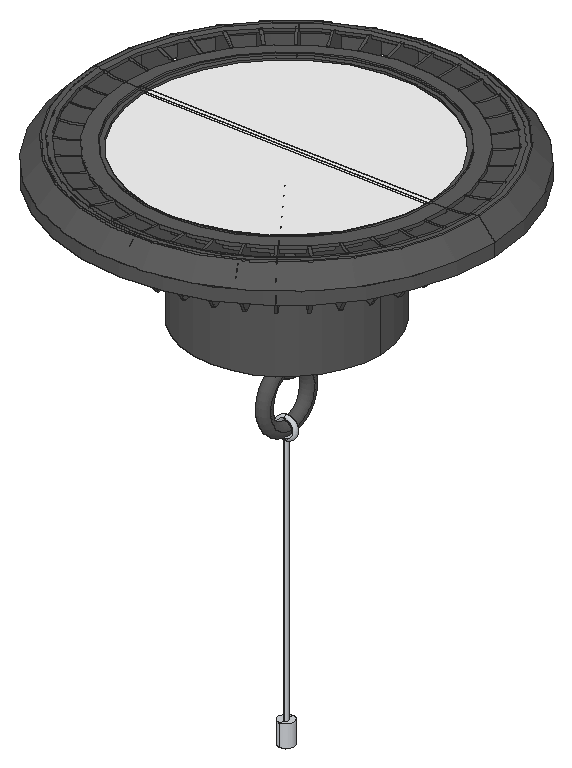
Revit family "0039344 Feilo Sylvania Lighting Fixture START HIGHBAY 4K 13KLM MEDIUM pendant", category Lighting Fixtures, host Face, Revit 2017
Family settings
  Host = Face
  Round Connector Dimension = Use Diameter
  Part Type = Normal
  OmniClass Number = 23.80.70.00
  OmniClass Title = Lighting
  Cut with Voids When Loaded = No
  Light Source = Yes
  Shared = No
  Room Calculation Point = No
Parameters (values of type "0039344 START HIGHBAY 4K 13KLM MEDIUM ")
  WidthStraight_FEILO = if(SizeS_FEILO, 3 mm, if(SizeM_FEILO, 4 mm, 4.7 mm))  # 3 mm
  WidthRingChamfer_FEILO = if(SizeS_FEILO, 10.3 mm, if(SizeM_FEILO, 11.2 mm, 12.9 mm))  # 10.3 mm
  WidthCurved_FEILO = if(SizeS_FEILO, 17.4 mm, if(SizeM_FEILO, 16.4 mm, 26.2 mm))  # 17.4 mm
  WidthCurvedRing_FEILO = if(SizeS_FEILO, 3 mm, if(SizeM_FEILO, 4 mm, 4.7 mm))  # 3 mm
  WidthBracket_FEILO = 40 mm
  Weight = "3.0 kg"
  Wattage Comments = ""
  Wattage = 100 W
  WarrantyStartDate [instance] = "n/a"
  WarrantyGuarantorParts = "n/a"
  WarrantyDurationUnit = "n/a"
  WarrantyDurationParts = "n/a"
  WarrantyDescription = "n/a"
  built-in parameter 1150110 = 1 (stored number, unit not read)
  Voltage = 230 V
  VisibilityBracket_FEILO = no
  URL = "http://www.sylvania-lighting.com"
  TypeName = "START HIGHBAY 4K 13KLM MEDIUM"
  Type Image = <None>
  Type Comments = "n/a"
  built-in parameter 1114217 = 1 (stored number, unit not read)
  Tilt Angle = -90.00°
  ThicknessWall_FEILO = 1.5 mm
  ThicknessBracket_FEILO = 1.5 mm
  ThicknessBracketHalf_FEILO = ThicknessBracket_FEILO / 2  # 0.75 mm
  built-in parameter 1150109 = 1 (stored number, unit not read)
  built-in parameter 1150134 = 12
  SuspensionHeight_FEILO [instance] = 350 mm
  built-in parameter 1150113 = 1 (stored number, unit not read)
  SizeS_FEILO = yes
  SizeM_FEILO = no
  SerialNumber [instance] = "n/a"
  Rib4_FEILO = if(SizeS_FEILO, 18.1 mm, if(SizeM_FEILO, 13.6 mm, 14.6 mm))  # 18.1 mm
  Rib3_FEILO = if(SizeS_FEILO, 15.3 mm, if(SizeM_FEILO, 17.6 mm, 20.2 mm))  # 15.3 mm
  Rib2_FEILO = if(SizeS_FEILO, 3.6 mm, if(SizeM_FEILO, 3.9 mm, 4.5 mm))  # 3.6 mm
  Rib1_FEILO = if(SizeS_FEILO, 15.1 mm, if(SizeM_FEILO, 16.5 mm, 19 mm))  # 15.1 mm
  RadiusDiffuser_FEILO = if(SizeS_FEILO, 95.2 mm, if(SizeM_FEILO, 105.3 mm, 120 mm))  # 95.2 mm
  RadiusArrayPost_FEILO = DriverRadius_FEILO - 6 mm  # 55.4 mm
  RHRadius3_FEILO = if(SizeS_FEILO, 6.6 mm, if(SizeM_FEILO, 7.4 mm, 8.6 mm))  # 6.6 mm
  RHRadius2_FEILO = if(SizeS_FEILO, 11 mm, if(SizeM_FEILO, 12 mm, 14 mm))  # 11 mm
  RHRadius1_FEILO = if(SizeS_FEILO, 13.6 mm, if(SizeM_FEILO, 14.9 mm, 17.7 mm))  # 13.6 mm
  RHHeight4_FEILO = if(SizeS_FEILO, 7.3 mm, if(SizeM_FEILO, 8 mm, 9.2 mm))  # 7.3 mm
  RHHeight3_FEILO = if(SizeS_FEILO, 3.6 mm, if(SizeM_FEILO, 3.7 mm, 4.6 mm))  # 3.6 mm
  RHHeight2_FEILO = if(SizeS_FEILO, 2 mm, if(SizeM_FEILO, 2.2 mm, 2.6 mm))  # 2 mm
  RHHeight1_FEILO = if(SizeS_FEILO, 11.8 mm, if(SizeM_FEILO, 15.3 mm, 17.4 mm))  # 11.8 mm
  Photometric Web File = "0039344.ies"
  Material_3_FEILO = LED-Sylvania-StartHighbay-Glow
  PowerFactor = 0.95
  PowerConsumption = "100 W"
  NominalLength = 270 mm
  NominalHeight = 170 mm
  NominalDepth = 270 mm
  Name = "START HIGHBAY 4K 13KLM MEDIUM"
  ModelReference = Name  # "START HIGHBAY 4K 13KLM MEDIUM"
  ModelNumber = "0039344"
  Model = Name  # "START HIGHBAY 4K 13KLM MEDIUM"
  Material = "aluminium alloy housing, polycarbonate diffuser"
  ManufacturerName = "Feilo Sylvania"
  Manufacturer = "Feilo Sylvania"
  LuminousEfficacy = "130 lm/W"
  built-in parameter 1150105 = 16080.5 (stored number, unit not read)
  Lumens = 13000 lm
  LuminaireType = ""
  built-in parameter 1150115 = 1 (stored number, unit not read)
  LightOutputRatio = "n/a"
  built-in parameter 1150137 = (empty or 0)
  built-in parameter 1150139 = (empty or 0)
  LampsType = Lamp  # "LED"
  LampNominalLuminous = "13000 lm"
  LampMacAdamStep = "n/a"
  LampColourTemperature = "4000 K"
  LampColourRenderingIndex = "80"
  built-in parameter 1150112 = 1 (stored number, unit not read)
  built-in parameter 1150114 = 1 (stored number, unit not read)
  Lamp = "LED"
  Keynote = "16500"
  InstallationDate [instance] = "n/a"
  InputVoltage = "220-240V~"
  InputNominalFrequency = "50/60 Hz"
  built-in parameter 1150132 = (empty or 0)
  built-in parameter 1150102 = (empty or 0)
  built-in parameter 1150107 = 4000 (stored number, unit not read)
  built-in parameter 1150138 = (empty or 0)
  IngressProtection = "IP65"
  ImpactProtectionIndex = "IK08"
  built-in parameter 1150106 = 160.81 (stored number, unit not read)
  IfcExportType = "IfcLightFixtureType"
  IfcExportAs = "IfcLightFixtureType"
  HeightRing_FEILO = if(SizeS_FEILO, 19.8 mm, if(SizeM_FEILO, 32 mm, 36.8 mm))  # 19.8 mm
  HeightRingChamfer_FEILO = if(SizeS_FEILO, 11.7 mm, if(SizeM_FEILO, 23.2 mm, 26.6 mm))  # 11.7 mm
  EyeThickness_FEILO = if(SizeS_FEILO, 8.4 mm, if(SizeM_FEILO, 9.2 mm, 10.5 mm))  # 8.4 mm
  EyeThicknessHalf_FEILO = EyeThickness_FEILO / 2  # 4.2 mm
  EyeInner_FEILO = if(SizeS_FEILO, 13.8 mm, if(SizeM_FEILO, 15.1 mm, 17.3 mm))  # 13.8 mm
  ExpectedLife = 50000
  Emit from Circle Diameter = RadiusDiffuser_FEILO * 2  # 190.4 mm
  Emit Shape Visible in Rendering = no
  ElectricShockClassification = "Class I"
  built-in parameter 1150104 = 12.077 (stored number, unit not read)
  DurationUnit = "hours"
  DriverVerticalStraight_FEILO = if(SizeS_FEILO, 46.5 mm, if(SizeM_FEILO, 49.7 mm, 57 mm))  # 46.5 mm
  DriverVerticalChamfer_FEILO = if(SizeS_FEILO, 7.5 mm, if(SizeM_FEILO, 8.2 mm, 9.5 mm))  # 7.5 mm
  DriverRadius_FEILO = if(SizeS_FEILO, 61.4 mm, if(SizeM_FEILO, 67.2 mm, 76.4 mm))  # 61.4 mm
  DriverRadiusTop_FEILO = if(SizeS_FEILO, 42 mm, if(SizeM_FEILO, 45.3 mm, 52.4 mm))  # 42 mm
  DriverBottom_FEILO = if(SizeS_FEILO, 56 mm, if(SizeM_FEILO, 64.5 mm, 74 mm))  # 56 mm
  DocumentationLiterature = "http://www.sylvania-lighting.com/product/en-int/products/0039344"
  DimmingControlOptions = "n/a"
  Material_2_FEILO = Diffuser-Sylvania-StartHighbay-Transparent
  Radius_FEILO = if(SizeS_FEILO, 135 mm, if(SizeM_FEILO, 148 mm, 169.5 mm))  # 135 mm
  Dimming Lamp Color Temperature Shift = <None>
  DiameterWire_FEILO = 3 mm
  DiameterWireSupport_FEILO = 10 mm
  Description = "START HIGHBAY, includes 1 m cables, black aluminium housing, 13000LM, 100W, 130lm/W, 4000K, Driver current: 2140mA, CR80, 60° beam angle, 1-10V dimmable,  IP65, IK08, 50,000 hrs (L70B50), (LxWxH) 270x270x170mm"
  Default Elevation = 1219.2 mm
  CreatedOn = "2/28/2018"
  CreatedBy = ""
  Cost = 0
  Color Filter = 16777215
  built-in parameter 1114216 [instance] = (empty or 0)
  ClassificationValue = "EF_70_80"
  ClassificationName = "Uniclass2015"
  Material_1_FEILO = Body-Sylvania-StartHighbay-Black
  BarCode [instance] = "n/a"
  built-in parameter 1114218 = 1 (stored number, unit not read)
  built-in parameter 1150133 = 10 (stored number, unit not read)
  AssetType = "Fixed"
  AssetIdentifier [instance] = "n/a"
  Assembly Code = "D5020200"
  Apparent Load = 100 VA
  Material_4_FEILO = none
Reference planes
  plane 1 "Center (Front/Back)": y = 0
  plane 2: z = 0
  plane 3 "Center (Left/Right)": x = 0
  plane 4: z = 350
  plane 5: x = -135
  plane 6: x = -124.7
  plane 7: z = 338.3
  plane 8: z = 330.2
  plane 9: x = -121.7
  plane 10: z = 347.375
  plane 11: x = -104.3
  plane 12: x = -95.2
  plane 13: x = -118.7
  plane 14: z = 348.375
  plane 15: z = 346.375
  plane 16: x = -92.2
  plane 17: z = 345.375
  plane 18: x = -133.5
  plane 19: x = -119.9
  plane 20: z = 326.6
  plane 21: x = -104.6
  plane 22: z = 308.5
  plane 23: x = -20
  plane 24: z = 294
  plane 25: x = -61.4
  plane 26: z = 247.5
  plane 27: x = -42
  plane 28: z = 240
  plane 29: x = -13.6
  plane 30: z = 228.2
  plane 31: z = 226.2
  plane 32: x = -11
  plane 33: z = 222.6
  plane 34: z = 215.3
  plane 35: x = -6.6
  plane 36: z = 201.5
  plane 37: z = 187.7
  plane 38: x = 4.2
  plane 39: x = -4.2
  plane 40: z = 179.3
  plane 41: z = 183.5
  plane 42: x = -129.1
  plane 43: x = -132.5
  plane 44: z = 328.7
  plane 45: x = -123.2
  plane 46: z = 270.75
  plane 47: y = -20
  plane 48: y = 20
  plane 49: x = 135
  plane 50: x = 124.7
  plane 51: x = 133.5
  plane 52: x = 129.1
  plane 53: x = 132.5
  plane 54: x = 123.2
  plane 55: z = 190.7
  plane 56: y = 1.5
  plane 57: y = -1.5
  plane 58: z = 189.2
  plane 59: z = 177.8
  plane 60: z = 176.3
  plane 61: y = -5
  plane 62: y = 5
  plane 63: z = 14
Forms (mm)
  Revolve 1, solid, material "Body-Sylvania-StartHighbay-Black" <- "Material_1_FEILO", detail levels medium+fine
    sketch origin (0, 0, 0) x (1, 0, 0) y (0, 0, 1)
      loop
        line (-135, 330.2) -> (-133.5, 330.2) -> (-133.5, 337.734) -> (-125.012, 347.375) -> (-118.7, 347.375) -> (-118.7, 349.16)
        arc (-118.7, 349.16) -> (-120.206, 349.56) -> (-121.7, 350) r 58.981
        line (-121.7, 350) -> (-124.241, 350)
        arc (-124.241, 350) -> (-124.657, 349.911) -> (-124.999, 349.66) r 1.015
        line (-124.999, 349.66) -> (-135, 338.3) -> (-135, 330.2)
      axis (0, 350) -> (0, 330.2)
    angle from 360 to 0
  Revolve 2, solid, material "Body-Sylvania-StartHighbay-Black" <- "Material_1_FEILO", detail levels medium+fine
    sketch origin (0, 0, 0) x (1, 0, 0) y (0, 0, 1)
      loop
        line (-104.3, 345.375) -> (-95.2, 345.375) -> (-95.2, 338.3) -> (0, 338.3) -> (0, 345.375) -> (-92.2, 345.375) -> (-92.2, 346.375) -> (-95.2, 346.375) -> (-95.2, 347.375) -> (-104.3, 347.375) -> (-104.3, 345.375)
      axis (0, 347.375) -> (0, 338.3)
    angle from 360 to 0
  Revolve 3, solid, material "Diffuser-Sylvania-StartHighbay-Transparent" <- "Material_2_FEILO", detail levels medium+fine
    sketch origin (0, 0, 0) x (1, 0, 0) y (0, 0, 1)
      loop
        line (-95.2, 346.375) -> (0, 346.375) -> (0, 348.375) -> (-95.2, 348.375) -> (-95.2, 346.375)
      axis (0, 348.375) -> (0, 346.375)
    angle from 360 to 0
  Revolve 4, solid, material "Body-Sylvania-StartHighbay-Black" <- "Material_1_FEILO"
    sketch origin (0, 0, 0) x (1, 0, 0) y (0, 0, 1)
      loop
        line (-61.4, 308.5) -> (-61.4, 247.5) -> (-42, 240) -> (-13.6, 240) -> (-13.6, 228.2) -> (-11, 226.2) -> (-11, 222.6) -> (-7.037, 216.026)
        arc (-7.037, 216.026) -> (-6.49, 215.494) -> (-5.753, 215.3) r 1.5
        line (-5.753, 215.3) -> (0, 215.3) -> (0, 308.5) -> (-61.4, 308.5)
      axis (0, 308.5) -> (0, 215.3)
    angle from 360 to 0
  Revolve 5, solid, material "Body-Sylvania-StartHighbay-Black" <- "Material_1_FEILO"
    sketch origin (0, 0, 0) x (1, 0, 0) y (0, 0, 1)
      loop
        circle (0, 183.5) r 4.2
      axis (4.2, 201.5) -> (-4.2, 201.5)
    angle from 360 to 0
  Extrusion 6, solid, material "Body-Sylvania-StartHighbay-Black" <- "Material_1_FEILO", visible <- "VisibilityBracket_FEILO"
    sketch origin (0, 0, 0) x (1, 0, 0) y (0, 0, 1)
      loop
        line (-132.5, 330.2) -> (-132.5, 328.7) -> (-125.45, 328.7)
        arc (-125.45, 328.7) -> (-124.92, 328.48) -> (-124.7, 327.95) r 0.75
        line (-124.7, 327.95) -> (-124.7, 270.75) -> (-123.2, 270.75) -> (-123.2, 328.7)
        arc (-123.2, 328.7) -> (-123.639, 329.761) -> (-124.7, 330.2) r 1.5
        line (-124.7, 330.2) -> (-132.5, 330.2)
      loop
        line (132.5, 330.2) -> (124.7, 330.2)
        arc (124.7, 330.2) -> (123.639, 329.761) -> (123.2, 328.7) r 1.5
        line (123.2, 328.7) -> (123.2, 270.75) -> (124.7, 270.75) -> (124.7, 327.95)
        arc (124.7, 327.95) -> (124.92, 328.48) -> (125.45, 328.7) r 0.75
        line (125.45, 328.7) -> (132.5, 328.7) -> (132.5, 330.2)
    from -20 to 20
  Extrusion 7, void
    sketch origin (0, 0, 0) x (0, 1, 0) y (0, 0, 1)
      loop
        arc (-10, 270.75) -> (-17.071, 273.679) -> (-20, 280.75) r 10
        line (-20, 280.75) -> (-25, 280.75) -> (-25, 265.75) -> (-10, 265.75) -> (-10, 270.75)
      loop
        line (10, 270.75) -> (10, 265.75) -> (25, 265.75) -> (25, 280.75) -> (20, 280.75)
        arc (20, 280.75) -> (17.071, 273.679) -> (10, 270.75) r 10
    from -124.7 to 124.7
  Revolve 8, solid, material "Body-Sylvania-StartHighbay-Black" <- "Material_1_FEILO", detail levels coarse
    sketch origin (0, 0, 0) x (1, 0, 0) y (0, 0, 1)
      loop
        line (0, 350) -> (-124.7, 350) -> (-135, 338.3) -> (-135, 330.2) -> (-119.9, 330.2) -> (-119.9, 326.6) -> (-104.6, 308.5) -> (0, 308.5) -> (0, 350)
      axis (0, 350) -> (0, 308.5)
    angle from 360 to 0
  Revolve 9, solid
    sketch origin (0, 0, 0) x (0, 1, 0) y (0, 0, 1)
      loop
        circle (0, 189.2) r 1.5
      axis (1.5, 183.5) -> (-1.5, 183.5)
    angle from 360 to 0
  Revolve 10, solid
    sketch origin (0, 0, 0) x (0, 1, 0) y (0, 0, 1)
      loop
        line (0, 0) -> (0, 177.8) -> (-1.5, 177.8) -> (-1.5, 14) -> (-5, 14) -> (-5, 0) -> (0, 0)
      axis (0, 0) -> (0, 177.8)
    angle from 360 to 0
Cuts and joins
  Extrusion 7 cuts Extrusion 6
Lines and regions (mm)
  reference lines
    curve 1: line (-135, 0, 338.3) -> (-124.7, 0, 350)
    curve 2: line (-104.3, 0, 347.375) -> (0, 0, 347.375)
    curve 3: arc (-104.3, 0, 347.375) -> (-113.098, 0, 348.035) -> (-121.7, 0, 350) r 58.981
    curve 4: line (-124.7, 0, 350) -> (-121.7, 0, 350)
    curve 5: line (-125.012, 0, 347.375) -> (-133.5, 0, 337.734)
    curve 6: line (-119.9, 0, 326.6) -> (-104.6, 0, 308.5)
    curve 7: line (-11, 0, 222.6) -> (-6.6, 0, 215.3)
    curve 8: circle (0, 0, 183.5) r 4.2 normal (0, -1, 0)
Dimensions and locks
  "Radius_FEILO": plane 3 "Center (Left/Right)" to plane 5
  "WidthRingChamfer_FEILO": plane 6 to plane 5
  "WidthStraight_FEILO": plane 9 to plane 6
  "WidthCurvedRing_FEILO": plane 13 to plane 9
  locked: plane 10 to plane 15 at 1
  locked: plane 14 to plane 10 at 1
  locked: plane 4 to plane 10 at 2.625
  locked: plane 15 to plane 17 at 1
  "ThicknessWall_FEILO": plane 18 to plane 5
  "ThicknessWall_FEILO": curve 5 to curve 1
  "HeightRingChamfer_FEILO": plane 4 to plane 7
  "HeightRing_FEILO": plane 4 to plane 8
  "RadiusDiffuser_FEILO": plane 3 "Center (Left/Right)" to plane 12
  locked: plane 16 to plane 12 at 3
  "WidthCurved_FEILO": plane 11 to plane 9
  "SuspensionHeight_FEILO": plane 4 to plane 2
  "Rib1_FEILO": plane 19 to plane 5
  "Rib2_FEILO": plane 8 to plane 20
  "Rib3_FEILO": plane 21 to plane 19
  "Rib4_FEILO": plane 20 to plane 22
  locked: plane 3 "Center (Left/Right)" to plane 23 at 20
  "DriverBottom_FEILO": plane 4 to plane 24
  "DriverRadius_FEILO": plane 3 "Center (Left/Right)" to plane 25
  "DriverVerticalStraight_FEILO": plane 24 to plane 26
  "DriverRadiusTop_FEILO": plane 3 "Center (Left/Right)" to plane 27
  "DriverVerticalChamfer_FEILO": plane 26 to plane 28
  "RHRadius1_FEILO": plane 3 "Center (Left/Right)" to plane 29
  "RHHeight2_FEILO": plane 30 to plane 31
  "RHRadius2_FEILO": plane 3 "Center (Left/Right)" to plane 32
  "RHHeight3_FEILO": plane 31 to plane 33
  "RHHeight4_FEILO": plane 33 to plane 34
  "RHRadius3_FEILO": plane 3 "Center (Left/Right)" to plane 35
  "RHHeight1_FEILO": plane 28 to plane 30
  "EyeInner_FEILO": plane 34 to plane 36
  "EyeInner_FEILO": plane 36 to plane 37
  equal spacing: plane 38, plane 3 "Center (Left/Right)", plane 39
  "EyeThickness_FEILO": plane 38 to plane 39
  "EyeThickness_FEILO": plane 37 to plane 40
  equal spacing: plane 37, plane 41, plane 40
  equal spacing: plane 6, plane 42, plane 18
  "ThicknessBracket_FEILO": plane 45 to plane 6
  "ThicknessBracket_FEILO": plane 8 to plane 44
  locked: plane 43 to plane 18 at 1
  equal spacing: plane 24, plane 46, plane 26
  equal spacing: plane 47, plane 1 "Center (Front/Back)", plane 48
  "WidthBracket_FEILO": plane 47 to plane 48
  "WidthRingChamfer_FEILO": plane 50 to plane 49
  "ThicknessWall_FEILO": plane 51 to plane 49
  equal spacing: plane 50, plane 52, plane 51
  "ThicknessBracket_FEILO": plane 54 to plane 50
  locked: plane 53 to plane 51 at 1
  "Radius_FEILO": plane 49 to plane 3 "Center (Left/Right)"
  equal spacing: plane 57, imposter light, plane 56
  "DiameterWire_FEILO": plane 57 to plane 56
  "DiameterWire_FEILO": plane 37 to plane 55
  equal spacing: plane 37, plane 58, plane 55
  "DiameterWire_FEILO": plane 60 to plane 40
  equal spacing: plane 60, plane 59, plane 40
  equal spacing: plane 61, plane 1 "Center (Front/Back)", plane 62
  "DiameterWireSupport_FEILO": plane 61 to plane 62
  locked: plane 63 to plane 2 at 14
  "EyeThicknessHalf_FEILO": radius of curve 8
  "ThicknessBracket_FEILO": radius of Extrusion 6 sketch curve  (x2)
  "ThicknessBracketHalf_FEILO": radius of Extrusion 6 sketch curve  (x2)
  "DiameterWire_FEILO": diameter of Revolve 9 sketch curve
  aligned and locked: plane 2 to host face
  aligned and locked: level to host face
  aligned and locked: plane 5 to curve 1
  aligned and locked: plane 6 to curve 1
  aligned and locked: plane 7 to curve 1
  aligned and locked: plane 10 to curve 2
  aligned and locked: plane 9 to curve 3
  aligned and locked: plane 4 to curve 3
  aligned and locked: plane 11 to curve 3
  aligned and locked: plane 4 to curve 4
  aligned and locked: plane 18 to curve 5
  aligned and locked: plane 10 to curve 5
  aligned and locked: Revolve 1 sketch curve to plane 3 "Center (Left/Right)"
  aligned and locked: Revolve 1 sketch curve to curve 3
  aligned and locked: Revolve 1 sketch curve to curve 1
  aligned and locked: plane 4 to Revolve 1 sketch curve
  aligned and locked: plane 9 to Revolve 1 sketch curve
  aligned and locked: Revolve 1 sketch curve to plane 13
  aligned and locked: Revolve 1 sketch curve to plane 10
  aligned and locked: plane 13 to Revolve 1 sketch curve
  aligned and locked: plane 10 to Revolve 1 sketch curve
  aligned and locked: Revolve 1 sketch curve to plane 18
  aligned and locked: Revolve 1 sketch curve to plane 8
  aligned and locked: plane 5 to Revolve 1 sketch curve  (x2)
  aligned and locked: Revolve 2 sketch curve to plane 3 "Center (Left/Right)"
  aligned and locked: plane 11 to Revolve 2 sketch curve
  aligned and locked: Revolve 2 sketch curve to curve 2
  aligned and locked: plane 15 to Revolve 2 sketch curve
  aligned and locked: Revolve 2 sketch curve to plane 16
  aligned and locked: plane 17 to Revolve 2 sketch curve  (x2)
  aligned and locked: Revolve 2 sketch curve to plane 12
  aligned and locked: plane 7 to Revolve 2 sketch curve
  aligned and locked: Revolve 3 sketch curve to plane 3 "Center (Left/Right)"
  aligned and locked: Revolve 3 sketch curve to plane 14
  aligned and locked: plane 3 "Center (Left/Right)" to Revolve 3 sketch curve
  aligned and locked: Revolve 3 sketch curve to plane 12
  aligned and locked: plane 15 to Revolve 3 sketch curve
  aligned and locked: Revolve 1 sketch curve to curve 5
  aligned and locked: plane 22 to curve 6
  aligned and locked: plane 21 to curve 6
  aligned and locked: plane 20 to curve 6
  aligned and locked: plane 19 to curve 6
  aligned and locked: plane 33 to curve 7
  aligned and locked: plane 32 to curve 7
  aligned and locked: plane 35 to curve 7
  aligned and locked: plane 34 to curve 7
  aligned and locked: Revolve 4 sketch curve to plane 3 "Center (Left/Right)"
  aligned and locked: Revolve 4 sketch curve to plane 25
  aligned and locked: plane 27 to Revolve 4 sketch curve
  aligned and locked: plane 28 to Revolve 4 sketch curve
  aligned and locked: plane 30 to Revolve 4 sketch curve
  aligned and locked: Revolve 4 sketch curve to plane 29
  aligned and locked: plane 31 to Revolve 4 sketch curve
  aligned and locked: Revolve 4 sketch curve to curve 7
  aligned and locked: Revolve 4 sketch curve to plane 32
  aligned and locked: plane 34 to Revolve 4 sketch curve
  aligned and locked: plane 3 "Center (Left/Right)" to Revolve 4 sketch curve
  aligned and locked: plane 3 "Center (Left/Right)" to curve 8
  aligned and locked: plane 41 to curve 8
  aligned and locked: Revolve 5 sketch curve to plane 36
  aligned and locked: Revolve 5 sketch curve to curve 8
  aligned and locked: plane 43 to Extrusion 6 sketch curve  (x2)
  aligned and locked: plane 8 to Extrusion 6 sketch curve  (x3)
  aligned and locked: Extrusion 6 sketch curve to plane 45
  aligned and locked: Extrusion 6 sketch curve to plane 46  (x2)
  aligned and locked: plane 6 to Extrusion 6 sketch curve
  aligned and locked: Extrusion 6 sketch curve to plane 44  (x2)
  aligned and locked: Extrusion 6 to plane 48
  aligned and locked: plane 47 to Extrusion 6
  aligned and locked: plane 53 to Extrusion 6 sketch curve
  aligned and locked: plane 50 to Extrusion 6 sketch curve
  aligned and locked: Extrusion 6 sketch curve to plane 54
  aligned and locked: Extrusion 7 sketch curve to Extrusion 7 sketch curve
  aligned and locked: Extrusion 7 to plane 6
  aligned and locked: Extrusion 7 to Extrusion 6
  aligned and locked: Revolve 4 sketch curve to plane 22
  aligned and locked: plane 23 to nested 1
  aligned and locked: plane 1 "Center (Front/Back)" to nested 1
  aligned and locked: Revolve 8 sketch curve to plane 3 "Center (Left/Right)"
  aligned and locked: Revolve 8 sketch curve to plane 4
  aligned and locked: plane 6 to Revolve 8 sketch curve
  aligned and locked: plane 4 to Revolve 8 sketch curve
  aligned and locked: plane 7 to Revolve 8 sketch curve
  aligned and locked: Revolve 8 sketch curve to plane 5
  aligned and locked: plane 8 to Revolve 8 sketch curve  (x2)
  aligned and locked: Revolve 8 sketch curve to plane 19
  aligned and locked: plane 20 to Revolve 8 sketch curve
  aligned and locked: plane 19 to Revolve 8 sketch curve
  aligned and locked: plane 21 to Revolve 8 sketch curve
  aligned and locked: plane 22 to Revolve 8 sketch curve  (x2)
  aligned and locked: Revolve 8 sketch curve to Revolve 8 sketch curve
  aligned and locked: imposter light to plane 4
  aligned and locked: plane 3 "Center (Left/Right)" to imposter light
  aligned and locked: imposter light to plane 1 "Center (Front/Back)"
  aligned and locked: Revolve 9 sketch curve to plane 41
  aligned and locked: Revolve 10 sketch curve to plane 1 "Center (Front/Back)"
  aligned and locked: plane 1 "Center (Front/Back)" to Revolve 10 sketch curve  (x2)
  aligned and locked: host face to Revolve 10 sketch curve
  aligned and locked: plane 63 to Revolve 10 sketch curve
  aligned and locked: Revolve 10 sketch curve to plane 61
  aligned and locked: Revolve 10 sketch curve to plane 57
  aligned and locked: plane 59 to Revolve 10 sketch curve
Automatic sketch dimensions
  host sketch curve to host sketch curve = 2438.4 mm  (x2)
  curve 2 to plane 3 "Center (Left/Right)" = 0 mm
  Revolve 1 sketch curve to plane 6 = 0.299 mm
  plane 6 to Revolve 1 sketch curve = 0.459 mm
  Revolve 1 sketch curve to level = 609.6 mm
  Revolve 1 sketch curve to Revolve 1 sketch curve = 2312.223 mm
  Revolve 2 sketch curve to plane 12 = 0 mm
  Revolve 2 sketch curve to plane 3 "Center (Left/Right)" = 0 mm
  Revolve 2 sketch curve to level = 609.6 mm
  Revolve 2 sketch curve to plane 4 = 2339.058 mm
  Revolve 3 sketch curve to level = 609.6 mm
  Revolve 3 sketch curve to plane 4 = 2339.058 mm
  Revolve 5 sketch curve to plane 5 = 1080 mm
  plane 38 to Revolve 5 sketch curve = 1219.2 mm
  Extrusion 7 sketch curve to plane 47 = 0 mm
  plane 46 to Extrusion 7 sketch curve = 0 mm  (x2)
  Extrusion 7 sketch curve to plane 48 = 0 mm
  plane 47 to Extrusion 7 sketch curve = 5 mm
  plane 1 "Center (Front/Back)" to Extrusion 7 sketch curve = 10 mm
  Extrusion 7 sketch curve to Extrusion 7 sketch curve = 10 mm
  plane 46 to Extrusion 7 sketch curve = 5 mm
  Extrusion 7 sketch curve to Extrusion 7 sketch curve = 5 mm
  Extrusion 7 sketch curve to plane 48 = 5 mm
  Revolve 4 sketch curve to plane 26 = 0 mm
  Revolve 4 sketch curve to plane 35 = 0.437 mm
  plane 35 to Revolve 4 sketch curve = 0.847 mm
  Revolve 4 sketch curve to plane 34 = 0.726 mm
  plane 40 to Revolve 4 sketch curve = 590.2 mm
  Revolve 4 sketch curve to plane 4 = 2339.058 mm
  Revolve 8 sketch curve to level = 609.6 mm
  Revolve 8 sketch curve to Revolve 8 sketch curve = 2386.058 mm
  Revolve 9 sketch curve to plane 1 "Center (Front/Back)" = 0 mm
  plane 58 to Revolve 9 sketch curve = 0 mm
  plane 47 to Revolve 9 sketch curve = 2534.941 mm
  Revolve 9 sketch curve to plane 48 = 2077.409 mm
  Revolve 10 sketch curve to Revolve 10 sketch curve = 609.6 mm
  Revolve 10 sketch curve to plane 4 = 2123.807 mm
Nested families
  nested 1: "Start Highbay Rib" at (0, 0, 347.375), type "Type Name", detail levels medium+fine
    with SuspensionHeight_FEILO 2.6 mm
  nested 2: "Start Highbay Rib" at (0, 0, 347.375) x (0.9877, 0.1564, 0) z (0, 0, 1), type "Type Name", detail levels medium+fine
    with SuspensionHeight_FEILO 2.6 mm
  nested 3: "Start Highbay Rib" at (0, 0, 347.375) x (0.9511, 0.309, 0) z (0, 0, 1), type "Type Name", detail levels medium+fine
    with SuspensionHeight_FEILO 2.6 mm
  nested 4: "Start Highbay Rib" at (0, 0, 347.375) x (0.891, 0.454, 0) z (0, 0, 1), type "Type Name", detail levels medium+fine
    with SuspensionHeight_FEILO 2.6 mm
  nested 5: "Start Highbay Rib" at (0, 0, 347.375) x (0.809, 0.5878, 0) z (0, 0, 1), type "Type Name", detail levels medium+fine
    with SuspensionHeight_FEILO 2.6 mm
  nested 6: "Start Highbay Rib" at (0, 0, 347.375) x (0.7071, 0.7071, 0) z (0, 0, 1), type "Type Name", detail levels medium+fine
    with SuspensionHeight_FEILO 2.6 mm
  nested 7: "Start Highbay Rib" at (0, 0, 347.375) x (0.5878, 0.809, 0) z (0, 0, 1), type "Type Name", detail levels medium+fine
    with SuspensionHeight_FEILO 2.6 mm
  nested 8: "Start Highbay Rib" at (0, 0, 347.375) x (0.454, 0.891, 0) z (0, 0, 1), type "Type Name", detail levels medium+fine
    with SuspensionHeight_FEILO 2.6 mm
  nested 9: "Start Highbay Rib" at (0, 0, 347.375) x (0.309, 0.9511, 0) z (0, 0, 1), type "Type Name", detail levels medium+fine
    with SuspensionHeight_FEILO 2.6 mm
  nested 10: "Start Highbay Rib" at (0, 0, 347.375) x (0.1564, 0.9877, 0) z (0, 0, 1), type "Type Name", detail levels medium+fine
    with SuspensionHeight_FEILO 2.6 mm
  nested 11: "Start Highbay Rib" at (0, 0, 347.375) x (0, 1, 0) z (0, 0, 1), type "Type Name", detail levels medium+fine
    with SuspensionHeight_FEILO 2.6 mm
  nested 12: "Start Highbay Rib" at (0, 0, 347.375) x (-0.1564, 0.9877, 0) z (0, 0, 1), type "Type Name", detail levels medium+fine
    with SuspensionHeight_FEILO 2.6 mm
  nested 13: "Start Highbay Rib" at (0, 0, 347.375) x (-0.309, 0.9511, 0) z (0, 0, 1), type "Type Name", detail levels medium+fine
    with SuspensionHeight_FEILO 2.6 mm
  nested 14: "Start Highbay Rib" at (0, 0, 347.375) x (-0.454, 0.891, 0) z (0, 0, 1), type "Type Name", detail levels medium+fine
    with SuspensionHeight_FEILO 2.6 mm
  nested 15: "Start Highbay Rib" at (0, 0, 347.375) x (-0.5878, 0.809, 0) z (0, 0, 1), type "Type Name", detail levels medium+fine
    with SuspensionHeight_FEILO 2.6 mm
  nested 16: "Start Highbay Rib" at (0, 0, 347.375) x (-0.7071, 0.7071, 0) z (0, 0, 1), type "Type Name", detail levels medium+fine
    with SuspensionHeight_FEILO 2.6 mm
  nested 17: "Start Highbay Rib" at (0, 0, 347.375) x (-0.809, 0.5878, 0) z (0, 0, 1), type "Type Name", detail levels medium+fine
    with SuspensionHeight_FEILO 2.6 mm
  nested 18: "Start Highbay Rib" at (0, 0, 347.375) x (-0.891, 0.454, 0) z (0, 0, 1), type "Type Name", detail levels medium+fine
    with SuspensionHeight_FEILO 2.6 mm
  nested 19: "Start Highbay Rib" at (0, 0, 347.375) x (-0.9511, 0.309, 0) z (0, 0, 1), type "Type Name", detail levels medium+fine
    with SuspensionHeight_FEILO 2.6 mm
  nested 20: "Start Highbay Rib" at (0, 0, 347.375) x (-0.9877, 0.1564, 0) z (0, 0, 1), type "Type Name", detail levels medium+fine
    with SuspensionHeight_FEILO 2.6 mm
  nested 21: "Start Highbay Rib" at (0, 0, 347.375) x (-1, 0, 0) z (0, 0, 1), type "Type Name", detail levels medium+fine
    with SuspensionHeight_FEILO 2.6 mm
  nested 22: "Start Highbay Rib" at (0, 0, 347.375) x (-0.9877, -0.1564, 0) z (0, 0, 1), type "Type Name", detail levels medium+fine
    with SuspensionHeight_FEILO 2.6 mm
  nested 23: "Start Highbay Rib" at (0, 0, 347.375) x (-0.9511, -0.309, 0) z (0, 0, 1), type "Type Name", detail levels medium+fine
    with SuspensionHeight_FEILO 2.6 mm
  nested 24: "Start Highbay Rib" at (0, 0, 347.375) x (-0.891, -0.454, 0) z (0, 0, 1), type "Type Name", detail levels medium+fine
    with SuspensionHeight_FEILO 2.6 mm
  nested 25: "Start Highbay Rib" at (0, 0, 347.375) x (-0.809, -0.5878, 0) z (0, 0, 1), type "Type Name", detail levels medium+fine
    with SuspensionHeight_FEILO 2.6 mm
  nested 26: "Start Highbay Rib" at (0, 0, 347.375) x (-0.7071, -0.7071, 0) z (0, 0, 1), type "Type Name", detail levels medium+fine
    with SuspensionHeight_FEILO 2.6 mm
  nested 27: "Start Highbay Rib" at (0, 0, 347.375) x (-0.5878, -0.809, 0) z (0, 0, 1), type "Type Name", detail levels medium+fine
    with SuspensionHeight_FEILO 2.6 mm
  nested 28: "Start Highbay Rib" at (0, 0, 347.375) x (-0.454, -0.891, 0) z (0, 0, 1), type "Type Name", detail levels medium+fine
    with SuspensionHeight_FEILO 2.6 mm
  nested 29: "Start Highbay Rib" at (0, 0, 347.375) x (-0.309, -0.9511, 0) z (0, 0, 1), type "Type Name", detail levels medium+fine
    with SuspensionHeight_FEILO 2.6 mm
  nested 30: "Start Highbay Rib" at (0, 0, 347.375) x (-0.1564, -0.9877, 0) z (0, 0, 1), type "Type Name", detail levels medium+fine
    with SuspensionHeight_FEILO 2.6 mm
  nested 31: "Start Highbay Rib" at (0, 0, 347.375) x (0, -1, 0) z (0, 0, 1), type "Type Name", detail levels medium+fine
    with SuspensionHeight_FEILO 2.6 mm
  nested 32: "Start Highbay Rib" at (0, 0, 347.375) x (0.1564, -0.9877, 0) z (0, 0, 1), type "Type Name", detail levels medium+fine
    with SuspensionHeight_FEILO 2.6 mm
  nested 33: "Start Highbay Rib" at (0, 0, 347.375) x (0.309, -0.9511, 0) z (0, 0, 1), type "Type Name", detail levels medium+fine
    with SuspensionHeight_FEILO 2.6 mm
  nested 34: "Start Highbay Rib" at (0, 0, 347.375) x (0.454, -0.891, 0) z (0, 0, 1), type "Type Name", detail levels medium+fine
    with SuspensionHeight_FEILO 2.6 mm
  nested 35: "Start Highbay Rib" at (0, 0, 347.375) x (0.5878, -0.809, 0) z (0, 0, 1), type "Type Name", detail levels medium+fine
    with SuspensionHeight_FEILO 2.6 mm
  nested 36: "Start Highbay Rib" at (0, 0, 347.375) x (0.7071, -0.7071, 0) z (0, 0, 1), type "Type Name", detail levels medium+fine
    with SuspensionHeight_FEILO 2.6 mm
  nested 37: "Start Highbay Rib" at (0, 0, 347.375) x (0.809, -0.5878, 0) z (0, 0, 1), type "Type Name", detail levels medium+fine
    with SuspensionHeight_FEILO 2.6 mm
  nested 38: "Start Highbay Rib" at (0, 0, 347.375) x (0.891, -0.454, 0) z (0, 0, 1), type "Type Name", detail levels medium+fine
    with SuspensionHeight_FEILO 2.6 mm
  nested 39: "Start Highbay Rib" at (0, 0, 347.375) x (0.9511, -0.309, 0) z (0, 0, 1), type "Type Name", detail levels medium+fine
    with SuspensionHeight_FEILO 2.6 mm
  nested 40: "Start Highbay Rib" at (0, 0, 347.375) x (0.9877, -0.1564, 0) z (0, 0, 1), type "Type Name", detail levels medium+fine
    with SuspensionHeight_FEILO 2.6 mm
Connectors
  electrical at (0, 0, 0), driven by "Apparent Load", driven by "PowerFactor", driven by "Voltage"
    settings: index 1, voltage 230 V, apparent load 100 VA, apparent load phase1 0 VA, apparent load phase2 0 VA, apparent load phase3 0 VA, power factor 0.95, load classification "Lighting", number of poles 1, system type 30, power factor state 1, is connector primary yes, connector utility no, sub classification motor no, connector description ""
Definition of nested family "Start Highbay Rib"
  Parameters (values of type "Type Name")
    WidthStraight_FEILO = if(SizeS_FEILO, 3 mm, if(SizeM_FEILO, 4 mm, 4.7 mm))  # 3 mm
    WidthRingChamfer_FEILO = if(SizeS_FEILO, 10.3 mm, if(SizeM_FEILO, 11.2 mm, 12.9 mm))  # 10.3 mm
    WidthCurved_FEILO = if(SizeS_FEILO, 17.4 mm, if(SizeM_FEILO, 16.4 mm, 26.2 mm))  # 17.4 mm
    WidthCurvedRing_FEILO = if(SizeS_FEILO, 3 mm, if(SizeM_FEILO, 4 mm, 4.7 mm))  # 3 mm
    WidthBracket_FEILO = 40 mm
    URL = "http://www.feilosylvania.com"
    Type Image = (empty or 0)
    Type Comments = "n/a"
    ThicknessWall_FEILO = 1.5 mm
    ThicknessBracket_FEILO = 1.5 mm
    ThicknessBracketHalf_FEILO = ThicknessBracket_FEILO / 2  # 0.75 mm
    SuspensionHeight_FEILO [instance] = 2.6 mm
    SizeS_FEILO = yes
    SizeM_FEILO = no
    Rib4_FEILO = if(SizeS_FEILO, 18.1 mm, if(SizeM_FEILO, 13.6 mm, 14.6 mm))  # 18.1 mm
    Rib3_FEILO = if(SizeS_FEILO, 15.3 mm, if(SizeM_FEILO, 17.6 mm, 20.2 mm))  # 15.3 mm
    Rib2_FEILO = if(SizeS_FEILO, 3.6 mm, if(SizeM_FEILO, 3.9 mm, 4.5 mm))  # 3.6 mm
    Rib1_FEILO = if(SizeS_FEILO, 15.1 mm, if(SizeM_FEILO, 16.5 mm, 19 mm))  # 15.1 mm
    RadiusRib_FEILO = 2 mm
    RadiusDiffuser_FEILO = if(SizeS_FEILO, 95.2 mm, if(SizeM_FEILO, 105.3 mm, 120 mm))  # 95.2 mm
    RHRadius3_FEILO = if(SizeS_FEILO, 6.6 mm, if(SizeM_FEILO, 7.4 mm, 8.6 mm))  # 6.6 mm
    RHRadius2_FEILO = if(SizeS_FEILO, 11 mm, if(SizeM_FEILO, 12 mm, 14 mm))  # 11 mm
    RHRadius1_FEILO = if(SizeS_FEILO, 13.6 mm, if(SizeM_FEILO, 14.9 mm, 17.7 mm))  # 13.6 mm
    RHHeight4_FEILO = if(SizeS_FEILO, 7.3 mm, if(SizeM_FEILO, 8 mm, 9.2 mm))  # 7.3 mm
    RHHeight3_FEILO = if(SizeS_FEILO, 3.6 mm, if(SizeM_FEILO, 3.7 mm, 4.6 mm))  # 3.6 mm
    RHHeight2_FEILO = if(SizeS_FEILO, 2 mm, if(SizeM_FEILO, 2.2 mm, 2.6 mm))  # 2 mm
    RHHeight1_FEILO = if(SizeS_FEILO, 11.8 mm, if(SizeM_FEILO, 15.3 mm, 17.4 mm))  # 11.8 mm
    Material_3_FEILO = none
    Model = ""
    Manufacturer = "Feilo Sylvania"
    Keynote = "16500"
    HeightRing_FEILO = if(SizeS_FEILO, 19.8 mm, if(SizeM_FEILO, 32 mm, 36.8 mm))  # 19.8 mm
    HeightRingChamfer_FEILO = if(SizeS_FEILO, 11.7 mm, if(SizeM_FEILO, 23.2 mm, 26.6 mm))  # 11.7 mm
    EyeThickness_FEILO = if(SizeS_FEILO, 8.4 mm, if(SizeM_FEILO, 9.2 mm, 10.5 mm))  # 8.4 mm
    EyeThicknessHalf_FEILO = EyeThickness_FEILO / 2  # 4.2 mm
    EyeInner_FEILO = if(SizeS_FEILO, 13.8 mm, if(SizeM_FEILO, 15.1 mm, 17.3 mm))  # 13.8 mm
    DriverVerticalStraight_FEILO = if(SizeS_FEILO, 46.5 mm, if(SizeM_FEILO, 49.7 mm, 57 mm))  # 46.5 mm
    DriverVerticalChamfer_FEILO = if(SizeS_FEILO, 7.5 mm, if(SizeM_FEILO, 8.2 mm, 9.5 mm))  # 7.5 mm
    DriverRadius_FEILO = if(SizeS_FEILO, 61.4 mm, if(SizeM_FEILO, 67.2 mm, 76.4 mm))  # 61.4 mm
    DriverRadiusTop_FEILO = if(SizeS_FEILO, 42 mm, if(SizeM_FEILO, 45.3 mm, 52.4 mm))  # 42 mm
    DriverBottom_FEILO = if(SizeS_FEILO, 56 mm, if(SizeM_FEILO, 64.5 mm, 74 mm))  # 56 mm
    Material_2_FEILO = none
    Radius_FEILO = if(SizeS_FEILO, 135 mm, if(SizeM_FEILO, 148 mm, 169.5 mm))  # 135 mm
    Description = ""
    Default Elevation = 1219.2 mm
    Cost = 0
    Material_1_FEILO = none
    Assembly Code = "D5020200"
    Material_4_FEILO = none
  Reference planes
    plane 1 "Center (Front/Back)": y = 0
    plane 2: z = 0
    plane 3 "Center (Left/Right)": x = 0
    plane 4: z = 2.6
    plane 5: x = -135
    plane 6: x = -124.7
    plane 7: z = -9.1
    plane 8: z = -17.2
    plane 9: x = -121.7
    plane 10: z = -0.025
    plane 11: x = -104.3
    plane 12: x = -95.2
    plane 13: x = -118.7
    plane 14: z = 0.975
    plane 15: z = -1.025
    plane 16: x = -92.2
    plane 17: z = -2.025
    plane 18: x = -133.5
    plane 19: x = -119.9
    plane 20: z = -20.8
    plane 21: x = -104.6
    plane 22: z = -38.9
    plane 23: x = -20
    plane 24: z = -53.4
    plane 25: x = -61.4
    plane 26: z = -99.9
    plane 27: x = -42
    plane 28: z = -107.4
    plane 29: x = -13.6
    plane 30: z = -119.2
    plane 31: z = -121.2
    plane 32: x = -11
    plane 33: z = -124.8
    plane 34: z = -132.1
    plane 35: x = -6.6
    plane 36: z = -145.9
    plane 37: z = -159.7
    plane 38: x = 4.2
    plane 39: x = -4.2
    plane 40: z = -168.1
    plane 41: z = -163.9
    plane 42: x = -129.1
    plane 43: x = -132.5
    plane 44: z = -18.7
    plane 45: x = -123.2
    plane 46: z = -76.65
    plane 47: y = -20
    plane 48: y = 20
    plane 49: x = 135
    plane 50: x = 124.7
    plane 51: x = 133.5
    plane 52: x = 129.1
    plane 53: x = 132.5
    plane 54: x = 123.2
    plane 55: y = 0.75
    plane 56: y = -0.75
  Forms (mm)
    Extrusion 1, solid
      sketch origin (4.2, 0, 0) x (1, 0, 0) y (0, 1, 0)
        loop
          line (-1219.2, 1219.2) -> (-1219.2, -1219.2) -> (1219.2, -1219.2) -> (1219.2, 1219.2) -> (-1219.2, 1219.2)
      from 0 to -68.017
    Extrusion 2, solid, material <- "Material_1_FEILO"
      sketch origin (0, 0, 0) x (1, 0, 0) y (0, 0, 1)
        loop
          arc (-104.3, -0.025) -> (-111.555, 0.423) -> (-118.7, 1.76) r 58.981
          line (-118.7, 1.76) -> (-118.7, -0.025) -> (-125.012, -0.025) -> (-133.5, -9.666) -> (-133.5, -17.2) -> (-119.9, -17.2) -> (-119.9, -20.068)
          arc (-119.9, -20.068) -> (-119.778, -20.755) -> (-119.427, -21.359) r 2
          line (-119.427, -21.359) -> (-104.966, -38.467)
          arc (-104.966, -38.467) -> (-104.381, -38.789) -> (-103.723, -38.9) r 2
          line (-103.723, -38.9) -> (-20, -38.9) -> (-20, -9.1) -> (-95.2, -9.1) -> (-95.2, -2.025) -> (-104.3, -2.025) -> (-104.3, -0.025)
      from -0.75 to 0.75
  Lines and regions (mm)
    reference lines
      curve 1: line (-135, 0, -9.1) -> (-124.7, 0, 2.6)
      curve 2: line (-104.3, 0, -0.025) -> (0, 0, -0.025)
      curve 3: arc (-104.3, 0, -0.025) -> (-113.098, 0, 0.635) -> (-121.7, 0, 2.6) r 58.981
      curve 4: line (-124.7, 0, 2.6) -> (-121.7, 0, 2.6)
      curve 5: line (-125.012, 0, -0.025) -> (-133.5, 0, -9.666)
      curve 6: line (-119.9, 0, -20.8) -> (-104.6, 0, -38.9)
  Dimensions and locks
    "Radius_FEILO": plane 3 "Center (Left/Right)" to plane 5
    "WidthRingChamfer_FEILO": plane 6 to plane 5
    "WidthStraight_FEILO": plane 9 to plane 6
    "WidthCurvedRing_FEILO": plane 13 to plane 9
    locked: plane 10 to plane 15 at 1
    locked: plane 14 to plane 10 at 1
    locked: plane 4 to plane 10 at 2.625
    locked: plane 15 to plane 17 at 1
    "ThicknessWall_FEILO": plane 18 to plane 5
    "ThicknessWall_FEILO": curve 5 to curve 1
    "HeightRingChamfer_FEILO": plane 4 to plane 7
    "HeightRing_FEILO": plane 4 to plane 8
    "RadiusDiffuser_FEILO": plane 3 "Center (Left/Right)" to plane 12
    locked: plane 16 to plane 12 at 3
    "WidthCurved_FEILO": plane 11 to plane 9
    "SuspensionHeight_FEILO": plane 4 to plane 2
    "Rib1_FEILO": plane 19 to plane 5
    "Rib2_FEILO": plane 8 to plane 20
    "Rib3_FEILO": plane 21 to plane 19
    "Rib4_FEILO": plane 20 to plane 22
    locked: plane 3 "Center (Left/Right)" to plane 23 at 20
    "DriverBottom_FEILO": plane 4 to plane 24
    "DriverRadius_FEILO": plane 3 "Center (Left/Right)" to plane 25
    "DriverVerticalStraight_FEILO": plane 24 to plane 26
    "DriverRadiusTop_FEILO": plane 3 "Center (Left/Right)" to plane 27
    "DriverVerticalChamfer_FEILO": plane 26 to plane 28
    "RHRadius1_FEILO": plane 3 "Center (Left/Right)" to plane 29
    "RHHeight2_FEILO": plane 30 to plane 31
    "RHRadius2_FEILO": plane 3 "Center (Left/Right)" to plane 32
    "RHHeight3_FEILO": plane 31 to plane 33
    "RHHeight4_FEILO": plane 33 to plane 34
    "RHRadius3_FEILO": plane 3 "Center (Left/Right)" to plane 35
    "RHHeight1_FEILO": plane 28 to plane 30
    "EyeInner_FEILO": plane 34 to plane 36
    "EyeInner_FEILO": plane 36 to plane 37
    equal spacing: plane 38, plane 3 "Center (Left/Right)", plane 39
    "EyeThickness_FEILO": plane 38 to plane 39
    "EyeThickness_FEILO": plane 37 to plane 40
    equal spacing: plane 37, plane 41, plane 40
    equal spacing: plane 6, plane 42, plane 18
    "ThicknessBracket_FEILO": plane 45 to plane 6
    "ThicknessBracket_FEILO": plane 8 to plane 44
    locked: plane 43 to plane 18 at 1
    equal spacing: plane 24, plane 46, plane 26
    equal spacing: plane 47, plane 1 "Center (Front/Back)", plane 48
    "WidthBracket_FEILO": plane 47 to plane 48
    "WidthRingChamfer_FEILO": plane 50 to plane 49
    "ThicknessWall_FEILO": plane 51 to plane 49
    equal spacing: plane 50, plane 52, plane 51
    "ThicknessBracket_FEILO": plane 54 to plane 50
    locked: plane 53 to plane 51 at 1
    "Radius_FEILO": plane 49 to plane 3 "Center (Left/Right)"
    equal spacing: plane 56, plane 1 "Center (Front/Back)", plane 55
    "ThicknessWall_FEILO": plane 56 to plane 55
    "RadiusRib_FEILO": radius of Extrusion 2 sketch curve  (x2)
    aligned and locked: plane 2 to Extrusion 1
    aligned and locked: level to Extrusion 1
    aligned and locked: plane 5 to curve 1
    aligned and locked: plane 6 to curve 1
    aligned and locked: plane 7 to curve 1
    aligned and locked: plane 10 to curve 2
    aligned and locked: plane 9 to curve 3
    aligned and locked: plane 4 to curve 3
    aligned and locked: plane 11 to curve 3
    aligned and locked: plane 4 to curve 4
    aligned and locked: plane 18 to curve 5
    aligned and locked: plane 10 to curve 5
    aligned and locked: plane 22 to curve 6
    aligned and locked: plane 21 to curve 6
    aligned and locked: plane 20 to curve 6
    aligned and locked: plane 19 to curve 6
    aligned and locked: Extrusion 2 sketch curve to plane 23
    aligned and locked: Extrusion 2 sketch curve to plane 22
    aligned and locked: Extrusion 2 sketch curve to curve 6
    aligned and locked: plane 19 to Extrusion 2 sketch curve
    aligned and locked: Extrusion 2 sketch curve to plane 8
    aligned and locked: Extrusion 2 sketch curve to curve 5
    aligned and locked: Extrusion 2 sketch curve to curve 3
    aligned and locked: Extrusion 2 to plane 55
    aligned and locked: plane 56 to Extrusion 2
    aligned and locked: curve 6 to Extrusion 2 sketch curve
  Automatic sketch dimensions
    Extrusion 1 sketch curve to Extrusion 1 sketch curve = 2438.4 mm  (x2)
    curve 2 to plane 3 "Center (Left/Right)" = 0 mm
    Extrusion 2 sketch curve to plane 18 = 0 mm
    Extrusion 2 sketch curve to plane 10 = 0 mm
    Extrusion 2 sketch curve to plane 13 = 0 mm
    Extrusion 2 sketch curve to plane 7 = 0 mm
    Extrusion 2 sketch curve to plane 12 = 0 mm
    Extrusion 2 sketch curve to plane 17 = 0 mm
    plane 19 to Extrusion 2 sketch curve = 0.473 mm
    Extrusion 2 sketch curve to plane 21 = 0.366 mm
